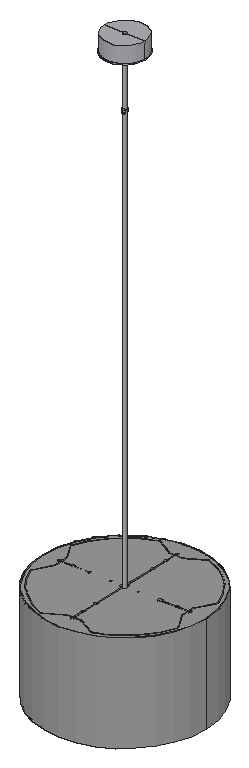
Revit family "Lighting - Lumetta - Pendant - EP52314-Full", category Lighting Fixtures, host Ceiling, Revit 2015
Parameters
  EP52314 URL [instance] = "https://lumetta.com/luminaires/echo-23-pendant-2/"
  Wattage = 19.2793 W
  built-in parameter 1150110 = 1 (stored number, unit not read)
  URL = "https://lumetta.com/luminaires/echo-23-pendant-2/"
  Type Comments = "Echo 23'' Pendant"  # constant formula
  built-in parameter 1114217 = 1 (stored number, unit not read)
  Top-Bottom Lens Radius [instance] = Fixture Radius - 0' 0 5/32"  # 0' - 11 11/32"
  Top Lens-Material [instance] = Acrylic - 2447 - White
  Top Lens [instance] = yes
  built-in parameter 1150109 = 1 (stored number, unit not read)
  built-in parameter 1150134 = (empty or 0)
  Suspension [instance] = 2
  built-in parameter 1150113 = 1 (stored number, unit not read)
  Stem Hung-ALL Lamping [instance] = Suspension = 2  # yes
  STD-NON_DIM [instance] = not([3-4-LED])  # yes
  Light Source Symbol Size = 0' - 1"
  Fixture Radius [instance] = 0' - 11 1/2"
  Fixture Diameter [instance] = 2 * Fixture Radius  # 1' - 11"
  Echo Diffuser Material-Bottom [instance] = EP5231401 Shell - D790 Onyx - BTM
  Coupling-Stems Over 60 inches [instance] = and([Stem Hung-ALL Lamping], Fixture Drop > 5' 0")  # yes
  Model = "EP52314"  # constant formula
  Manufacturer = "Lumetta, Inc."  # constant formula
  Lumens = 2140 lm
  built-in parameter 1150115 = 1 (stored number, unit not read)
  built-in parameter 1150105 = 170.3 (stored number, unit not read)
  built-in parameter 1150137 = (empty or 0)
  built-in parameter 1150139 = (empty or 0)
  built-in parameter 1150112 = 1 (stored number, unit not read)
  built-in parameter 1150114 = 1 (stored number, unit not read)
  built-in parameter 1150132 = 2
  built-in parameter 1150102 = (empty or 0)
  built-in parameter 1150138 = (empty or 0)
  built-in parameter 1150107 = 3000 (stored number, unit not read)
  built-in parameter 1150106 = 1.703 (stored number, unit not read)
  Frame Finish [instance] = Paint - Lumetta - F02 - PC_Chrome
  Fixture Height [instance] = 1' - 2"
  Fixture Drop [instance] = 5' - 10"
  built-in parameter 1150104 = 10.312 (stored number, unit not read)
  Dimming Lamp Color Temperature Shift = (empty or 0)
  Echo Diffuser Material-Sides [instance] = EP5231401 Shell - D790 Onyx - Side
  Description = ""
  Cord [instance] = Suspension = 1  # no
  3-4-LED [instance] = and([3 or 4 Wire Dimming OR LED], Suspension = 1)  # no
  3 or 4 Wire Dimming OR LED [instance] = yes
  4 Cables [instance] = Suspension = 1  # no
  1CRD-4CBL-ALL Lamping [instance] = Suspension = 1  # no
  Cord Color [instance] = Cord, Black
  Color Filter = 16777215
  built-in parameter 1114218 = 1 (stored number, unit not read)
  built-in parameter 1150133 = 10 (stored number, unit not read)
Reference planes (in)
  plane 1 "Light Source Axis (F/B)": y = 0
  plane 2 "Ceiling": z = 96
  plane 3 "Light Source Axis (L/R)": x = 0
  plane 4 "Light Source Elevation": z = 23.5
  plane 5 "Fixture-Top": z = 26
  plane 6 "Fixture-Radius": x = 11.5
  plane 7 "Fixture-Height": z = 12
  plane 8: y = 0
Forms (in)
  Revolve 1, solid, material "Paint - Lumetta - F02 - PC_Chrome" <- "Frame Finish", visible <- "1CRD-4CBL-ALL Lamping"
    sketch origin (0, 0, 0) x (1, 0, 0) y (0, 0, 1)
      loop
        line (0, 96) -> (0, 95.4375) -> (3, 95.4375) -> (3, 95.5) -> (2.87509, 95.5) -> (2.87509, 96) -> (0, 96)
      axis (0, 96) -> (0, 95.4375)
    angle from 0 to 360
  Extrusion 2, void
    sketch origin (0, 0, 95.4375) x (0, -1, 0) y (1, 0, 0)
      loop
        circle (0, 0) r 0.25
      loop
        circle (0, 2.5) r 0.06274
      loop
        circle (-2.5, 0) r 0.06274
      loop
        circle (0, -2.5) r 0.06274
      loop
        circle (2.5, 0) r 0.06274
    from 0 to 0.06358
  Revolve 3, solid, material "EP5231401 Shell - D790 Onyx - Side" <- "Echo Diffuser Material-Sides"
    sketch origin (0, 0, 0) x (1, 0, 0) y (0, 0, 1)
      loop
        line (11.5, 26) -> (11.5, 12) -> (11.56242, 12) -> (11.56242, 26) -> (11.5, 26)
      axis (0, 26) -> (0, 12)
    angle from 0 to 360
  Extrusion 4, solid, material "Paint - Lumetta - F02 - PC_Chrome" <- "Frame Finish", visible <- "Stem Hung-ALL Lamping"
    sketch origin (0, 0, 26) x (0, -1, 0) y (-1, 0, 0)
      loop
        circle (0, 0) r 0.25
    from 0.39106 to -70
  Revolve 5, solid, material "Paint - Lumetta - F02 - PC_Chrome" <- "Frame Finish", visible <- "Coupling-Stems Over 60 inches"
    sketch origin (0, 0, 0) x (1, 0, 0) y (0, 0, 1)
      loop
        line (0, 86.53023) -> (0, 86) -> (0.26233, 86)
        arc (0.26233, 86) -> (0.31307, 86.05074) -> (0.26233, 86.10149) r 0.05074
        arc (0.26233, 86.10149) -> (0.29304, 86.26499) -> (0.26243, 86.42851) r 0.45126
        arc (0.26243, 86.42851) -> (0.31329, 86.47937) -> (0.26243, 86.53023) r 0.05086
        line (0.26243, 86.53023) -> (0, 86.53023)
      axis (0, 86.53023) -> (0, 86)
    angle from 0 to 360
  Revolve 6, solid, material "Paint - Lumetta - F02 - PC_Chrome" <- "Frame Finish", visible <- "Stem Hung-ALL Lamping"
    sketch origin (0, 0, 0) x (1, 0, 0) y (0, 0, 1)
      loop
        line (0, 96) -> (0, 93.40625) -> (0.34988, 93.40625)
        arc (0.34988, 93.40625) -> (0.49124, 93.54417) -> (0.58115, 93.72) r 0.61026
        line (0.58115, 93.72) -> (3, 93.72) -> (3, 93.78) -> (2.875, 93.78) -> (2.875, 96) -> (0, 96)
      axis (0, 96) -> (0, 93.40625)
    angle from 0 to 360
  Extrusion 7, solid, material "Cord, Black" <- "Cord Color", visible <- "1CRD-4CBL-ALL Lamping"
    sketch origin (0, 0, 26) x (0, -1, 0) y (1, 0, 0)
      loop
        circle (0, 0) r 0.15674
    from -0.39106 to 70
  Revolve 8, solid, material "Paint - Lumetta - F02 - PC_Chrome" <- "Frame Finish", visible <- "STD-NON_DIM"
    sketch origin (0, 0, 0) x (1, 0, 0) y (0, 0, 1)
      loop
        line (0, 95.4375) -> (0, 94.87435) -> (0.28215, 94.87435) -> (0.37481, 95.4375) -> (0, 95.4375)
      axis (0, 95.4375) -> (0, 94.87435)
    angle from 0 to 360
  Revolve 9, solid, material "Paint - Lumetta - F02 - PC_Chrome" <- "Frame Finish", visible <- "3-4-LED"
    sketch origin (0, 0, 0) x (1, 0, 0) y (0, 0, 1)
      loop
        line (0, 95.4375) -> (0, 95.3765) -> (0.37481, 95.3765) -> (0.37481, 95.4375) -> (0, 95.4375)
      axis (0, 95.4375) -> (0, 95.3765)
    angle from 0 to 360
  Extrusion 10, solid, material "EP5231401 Shell - D790 Onyx - BTM" <- "Echo Diffuser Material-Bottom"
    sketch origin (0, 0, 12) x (0, -1, 0) y (1, 0, 0)
      loop
        circle (0, 0) r 11.5
    from 0 to 0.125
  Extrusion 11, solid, material "Opaque - White"
    sketch origin (0, 0, 26) x (0, -1, 0) y (1, 0, 0)
      loop
        circle (0, 0) r 0.25
      loop
        circle (-2.25, 0) r 0.25
      loop
        circle (2.25, 0) r 0.25
      loop
        line (-0.83, 0.83) -> (-10.375, 0.83)
        arc (-10.375, 0.83) -> (-10.55178, 0.75678) -> (-10.625, 0.58) r 0.25
        line (-10.625, 0.58) -> (-10.625, -0.58)
        arc (-10.625, -0.58) -> (-10.55178, -0.75678) -> (-10.375, -0.83) r 0.25
        line (-10.375, -0.83) -> (-0.83, -0.83) -> (-0.83, -10.375)
        arc (-0.83, -10.375) -> (-0.75678, -10.55178) -> (-0.58, -10.625) r 0.25
        line (-0.58, -10.625) -> (0.58, -10.625)
        arc (0.58, -10.625) -> (0.75678, -10.55178) -> (0.83, -10.375) r 0.25
        line (0.83, -10.375) -> (0.83, -0.83) -> (10.375, -0.83)
        arc (10.375, -0.83) -> (10.55178, -0.75678) -> (10.625, -0.58) r 0.25
        line (10.625, -0.58) -> (10.625, 0.58)
        arc (10.625, 0.58) -> (10.55178, 0.75678) -> (10.375, 0.83) r 0.25
        line (10.375, 0.83) -> (0.83, 0.83) -> (0.83, 10.375)
        arc (0.83, 10.375) -> (0.75678, 10.55178) -> (0.58, 10.625) r 0.25
        line (0.58, 10.625) -> (-0.58, 10.625)
        arc (-0.58, 10.625) -> (-0.75678, 10.55178) -> (-0.83, 10.375) r 0.25
        line (-0.83, 10.375) -> (-0.83, 0.83)
      loop
        circle (0, 7.25) r 0.14063
      loop
        circle (-7.25, 0) r 0.14063
      loop
        circle (0, -7.25) r 0.14063
      loop
        circle (7.25, -0.14936) r 0.14063
    from -0.26546 to -0.39106
  Extrusion 12, solid, material "Acrylic - 2447 - White" <- "Top Lens-Material", visible <- "Top Lens"
    sketch origin (0, 0, 26) x (0, -1, 0) y (1, 0, 0)
      loop
        circle (0, -1.96065) r 0.09375
      loop
        circle (0, 1.9375) r 0.09375
      loop
        arc (0.14583, 5.20306) -> (0, 4.75) -> (-0.14583, 5.20306) r 0.25
        arc (-0.14583, 5.20306) -> (-0.10753, 5.24753) -> (-0.09375, 5.30459) r 0.125
        line (-0.09375, 5.30459) -> (-0.09375, 6.98483)
        arc (-0.09375, 6.98483) -> (-0.10568, 7.03814) -> (-0.1392, 7.08126) r 0.125
        arc (-0.1392, 7.08126) -> (-0.21875, 7.25) -> (-0.1392, 7.41874) r 0.21875
        arc (-0.1392, 7.41874) -> (-0.10568, 7.46186) -> (-0.09375, 7.51517) r 0.125
        line (-0.09375, 7.51517) -> (-0.09375, 8.8125)
        arc (-0.09375, 8.8125) -> (-0.13036, 8.90089) -> (-0.21875, 8.9375) r 0.125
        line (-0.21875, 8.9375) -> (-0.93301, 8.9375)
        arc (-0.93301, 8.9375) -> (-1.01389, 8.94815) -> (-1.08926, 8.97937) r 0.3125
        line (-1.08926, 8.97937) -> (-3.41663, 10.32307)
        arc (-3.41663, 10.32307) -> (-3.49251, 10.34734) -> (-3.57161, 10.33792) r 0.1875
        arc (-3.57161, 10.33792) -> (-7.73398, 7.73398) -> (-10.33792, 3.57161) r 10.9375
        arc (-10.33792, 3.57161) -> (-10.34734, 3.49251) -> (-10.32307, 3.41663) r 0.1875
        line (-10.32307, 3.41663) -> (-8.97937, 1.08926)
        arc (-8.97937, 1.08926) -> (-8.94815, 1.01389) -> (-8.9375, 0.93301) r 0.3125
        line (-8.9375, 0.93301) -> (-8.9375, 0.21875)
        arc (-8.9375, 0.21875) -> (-8.90089, 0.13036) -> (-8.8125, 0.09375) r 0.125
        line (-8.8125, 0.09375) -> (-7.51517, 0.09375)
        arc (-7.51517, 0.09375) -> (-7.46186, 0.10568) -> (-7.41874, 0.1392) r 0.125
        arc (-7.41874, 0.1392) -> (-7.25, 0.21875) -> (-7.08126, 0.1392) r 0.21875
        arc (-7.08126, 0.1392) -> (-7.03814, 0.10568) -> (-6.98483, 0.09375) r 0.125
        line (-6.98483, 0.09375) -> (-5.30459, 0.09375)
        arc (-5.30459, 0.09375) -> (-5.24753, 0.10753) -> (-5.20306, 0.14583) r 0.125
        arc (-5.20306, 0.14583) -> (-5, 0.25) -> (-4.79694, 0.14583) r 0.25
        arc (-4.79694, 0.14583) -> (-4.75247, 0.10753) -> (-4.69541, 0.09375) r 0.125
        line (-4.69541, 0.09375) -> (-0.58547, 0.09375)
        arc (-0.58547, 0.09375) -> (-0.51421, 0.11605) -> (-0.46837, 0.175) r 0.125
        arc (-0.46837, 0.175) -> (0, 0.5) -> (0.46837, 0.175) r 0.5
        arc (0.46837, 0.175) -> (0.51421, 0.11605) -> (0.58547, 0.09375) r 0.125
        line (0.58547, 0.09375) -> (4.69541, 0.09375)
        arc (4.69541, 0.09375) -> (4.75247, 0.10753) -> (4.79694, 0.14583) r 0.125
        arc (4.79694, 0.14583) -> (5, 0.25) -> (5.20306, 0.14583) r 0.25
        arc (5.20306, 0.14583) -> (5.24753, 0.10753) -> (5.30459, 0.09375) r 0.125
        line (5.30459, 0.09375) -> (6.98483, 0.09375)
        arc (6.98483, 0.09375) -> (7.03814, 0.10568) -> (7.08126, 0.1392) r 0.125
        arc (7.08126, 0.1392) -> (7.25, 0.21875) -> (7.41874, 0.1392) r 0.21875
        arc (7.41874, 0.1392) -> (7.46186, 0.10568) -> (7.51517, 0.09375) r 0.125
        line (7.51517, 0.09375) -> (8.8125, 0.09375)
        arc (8.8125, 0.09375) -> (8.90089, 0.13036) -> (8.9375, 0.21875) r 0.125
        line (8.9375, 0.21875) -> (8.9375, 0.93301)
        arc (8.9375, 0.93301) -> (8.94815, 1.01389) -> (8.97937, 1.08926) r 0.3125
        line (8.97937, 1.08926) -> (10.32307, 3.41663)
        arc (10.32307, 3.41663) -> (10.34734, 3.49251) -> (10.33792, 3.57161) r 0.1875
        arc (10.33792, 3.57161) -> (7.73398, 7.73398) -> (3.57161, 10.33792) r 10.9375
        arc (3.57161, 10.33792) -> (3.49251, 10.34734) -> (3.41663, 10.32307) r 0.1875
        line (3.41663, 10.32307) -> (1.08926, 8.97937)
        arc (1.08926, 8.97937) -> (1.01389, 8.94815) -> (0.93301, 8.9375) r 0.3125
        line (0.93301, 8.9375) -> (0.21875, 8.9375)
        arc (0.21875, 8.9375) -> (0.13036, 8.90089) -> (0.09375, 8.8125) r 0.125
        line (0.09375, 8.8125) -> (0.09375, 7.51517)
        arc (0.09375, 7.51517) -> (0.10568, 7.46186) -> (0.1392, 7.41874) r 0.125
        arc (0.1392, 7.41874) -> (0.21875, 7.25) -> (0.1392, 7.08126) r 0.21875
        arc (0.1392, 7.08126) -> (0.10568, 7.03814) -> (0.09375, 6.98483) r 0.125
        line (0.09375, 6.98483) -> (0.09375, 5.30459)
        arc (0.09375, 5.30459) -> (0.10753, 5.24753) -> (0.14583, 5.20306) r 0.125
      loop
        arc (8.9375, -0.2419) -> (8.90089, -0.15351) -> (8.8125, -0.1169) r 0.125
        line (8.8125, -0.1169) -> (7.51517, -0.1169)
        arc (7.51517, -0.1169) -> (7.46186, -0.12883) -> (7.41874, -0.16235) r 0.125
        arc (7.41874, -0.16235) -> (7.25, -0.2419) -> (7.08126, -0.16235) r 0.21875
        arc (7.08126, -0.16235) -> (7.03814, -0.12883) -> (6.98483, -0.1169) r 0.125
        line (6.98483, -0.1169) -> (5.30459, -0.1169)
        arc (5.30459, -0.1169) -> (5.24753, -0.13068) -> (5.20306, -0.16898) r 0.125
        arc (5.20306, -0.16898) -> (5, -0.27315) -> (4.79694, -0.16898) r 0.25
        arc (4.79694, -0.16898) -> (4.75247, -0.13068) -> (4.69541, -0.1169) r 0.125
        line (4.69541, -0.1169) -> (0.58547, -0.1169)
        arc (0.58547, -0.1169) -> (0.51421, -0.1392) -> (0.46837, -0.19815) r 0.125
        arc (0.46837, -0.19815) -> (0, -0.52315) -> (-0.46837, -0.19815) r 0.5
        arc (-0.46837, -0.19815) -> (-0.51421, -0.1392) -> (-0.58547, -0.1169) r 0.125
        line (-0.58547, -0.1169) -> (-4.69541, -0.1169)
        arc (-4.69541, -0.1169) -> (-4.75247, -0.13068) -> (-4.79694, -0.16898) r 0.125
        arc (-4.79694, -0.16898) -> (-5, -0.27315) -> (-5.20306, -0.16898) r 0.25
        arc (-5.20306, -0.16898) -> (-5.24753, -0.13068) -> (-5.30459, -0.1169) r 0.125
        line (-5.30459, -0.1169) -> (-6.98483, -0.1169)
        arc (-6.98483, -0.1169) -> (-7.03814, -0.12883) -> (-7.08126, -0.16235) r 0.125
        arc (-7.08126, -0.16235) -> (-7.25, -0.2419) -> (-7.41874, -0.16235) r 0.21875
        arc (-7.41874, -0.16235) -> (-7.46186, -0.12883) -> (-7.51517, -0.1169) r 0.125
        line (-7.51517, -0.1169) -> (-8.8125, -0.1169)
        arc (-8.8125, -0.1169) -> (-8.90089, -0.15351) -> (-8.9375, -0.2419) r 0.125
        line (-8.9375, -0.2419) -> (-8.9375, -0.95616)
        arc (-8.9375, -0.95616) -> (-8.94815, -1.03704) -> (-8.97937, -1.11241) r 0.3125
        line (-8.97937, -1.11241) -> (-10.32307, -3.43978)
        arc (-10.32307, -3.43978) -> (-10.34734, -3.51566) -> (-10.33792, -3.59476) r 0.1875
        arc (-10.33792, -3.59476) -> (-7.73398, -7.75713) -> (-3.57161, -10.36106) r 10.9375
        arc (-3.57161, -10.36106) -> (-3.49251, -10.37049) -> (-3.41663, -10.34622) r 0.1875
        line (-3.41663, -10.34622) -> (-1.08926, -9.00252)
        arc (-1.08926, -9.00252) -> (-1.01389, -8.9713) -> (-0.93301, -8.96065) r 0.3125
        line (-0.93301, -8.96065) -> (-0.21875, -8.96065)
        arc (-0.21875, -8.96065) -> (-0.13036, -8.92404) -> (-0.09375, -8.83565) r 0.125
        line (-0.09375, -8.83565) -> (-0.09375, -7.53831)
        arc (-0.09375, -7.53831) -> (-0.10568, -7.48501) -> (-0.1392, -7.44189) r 0.125
        arc (-0.1392, -7.44189) -> (-0.21875, -7.27315) -> (-0.1392, -7.10441) r 0.21875
        arc (-0.1392, -7.10441) -> (-0.10568, -7.06128) -> (-0.09375, -7.00798) r 0.125
        line (-0.09375, -7.00798) -> (-0.09375, -5.32774)
        arc (-0.09375, -5.32774) -> (-0.10753, -5.27068) -> (-0.14583, -5.22621) r 0.125
        arc (-0.14583, -5.22621) -> (0, -4.77315) -> (0.14583, -5.22621) r 0.25
        arc (0.14583, -5.22621) -> (0.10753, -5.27068) -> (0.09375, -5.32774) r 0.125
        line (0.09375, -5.32774) -> (0.09375, -7.00798)
        arc (0.09375, -7.00798) -> (0.10568, -7.06128) -> (0.1392, -7.10441) r 0.125
        arc (0.1392, -7.10441) -> (0.21875, -7.27315) -> (0.1392, -7.44189) r 0.21875
        arc (0.1392, -7.44189) -> (0.10568, -7.48501) -> (0.09375, -7.53831) r 0.125
        line (0.09375, -7.53831) -> (0.09375, -8.83565)
        arc (0.09375, -8.83565) -> (0.13036, -8.92404) -> (0.21875, -8.96065) r 0.125
        line (0.21875, -8.96065) -> (0.93301, -8.96065)
        arc (0.93301, -8.96065) -> (1.01389, -8.9713) -> (1.08926, -9.00252) r 0.3125
        line (1.08926, -9.00252) -> (3.41663, -10.34622)
        arc (3.41663, -10.34622) -> (3.49251, -10.37049) -> (3.57161, -10.36106) r 0.1875
        arc (3.57161, -10.36106) -> (7.73398, -7.75713) -> (10.33792, -3.59476) r 10.9375
        arc (10.33792, -3.59476) -> (10.34734, -3.51566) -> (10.32307, -3.43978) r 0.1875
        line (10.32307, -3.43978) -> (8.97937, -1.11241)
        arc (8.97937, -1.11241) -> (8.94815, -1.03704) -> (8.9375, -0.95616) r 0.3125
        line (8.9375, -0.95616) -> (8.9375, -0.2419)
    from -0.13947 to 0
  Sweep 13, solid, visible <- "1CRD-4CBL-ALL Lamping"
    path origin (0, 0, 0) x (-1, 0, 0) y (0, 0, 1)
      loop
        line (2.5, 95.50108) -> (7.26736, 25.73454)
    profile origin (-4.88368, 0, 60.61781) x (-0.997673, 0, 0.068174) y (0, 1, 0)
      loop
        circle (0, 0) r 0.03083
  Extrusion 14, solid, material "Acrylic - 2447 - White"
    sketch origin (0, 0, 26) x (0, -1, 0) y (1, 0, 0)
      loop
        circle (0, 0) r 11.5
      loop
        arc (-9.375, 0.09375) -> (-9.46875, 0) -> (-9.375, -0.09375) r 0.09375
        line (-9.375, -0.09375) -> (-9.34375, -0.09375) -> (-9.34375, -0.125)
        arc (-9.34375, -0.125) -> (-9.25, -0.21875) -> (-9.15625, -0.125) r 0.09375
        line (-9.15625, -0.125) -> (-9.15625, 0.125)
        arc (-9.15625, 0.125) -> (-9.25, 0.21875) -> (-9.34375, 0.125) r 0.09375
        line (-9.34375, 0.125) -> (-9.34375, 0.09375) -> (-9.375, 0.09375)
      loop
        arc (-0.09375, -9.375) -> (0, -9.46875) -> (0.09375, -9.375) r 0.09375
        line (0.09375, -9.375) -> (0.09375, -9.34375) -> (0.125, -9.34375)
        arc (0.125, -9.34375) -> (0.21875, -9.25) -> (0.125, -9.15625) r 0.09375
        line (0.125, -9.15625) -> (-0.125, -9.15625)
        arc (-0.125, -9.15625) -> (-0.21875, -9.25) -> (-0.125, -9.34375) r 0.09375
        line (-0.125, -9.34375) -> (-0.09375, -9.34375) -> (-0.09375, -9.375)
      loop
        arc (9.375, -0.09375) -> (9.46875, 0) -> (9.375, 0.09375) r 0.09375
        line (9.375, 0.09375) -> (9.34375, 0.09375) -> (9.34375, 0.125)
        arc (9.34375, 0.125) -> (9.25, 0.21875) -> (9.15625, 0.125) r 0.09375
        line (9.15625, 0.125) -> (9.15625, -0.125)
        arc (9.15625, -0.125) -> (9.25, -0.21875) -> (9.34375, -0.125) r 0.09375
        line (9.34375, -0.125) -> (9.34375, -0.09375) -> (9.375, -0.09375)
      loop
        arc (0.09375, 9.375) -> (0, 9.46875) -> (-0.09375, 9.375) r 0.09375
        line (-0.09375, 9.375) -> (-0.09375, 9.34375) -> (-0.125, 9.34375)
        arc (-0.125, 9.34375) -> (-0.21875, 9.25) -> (-0.125, 9.15625) r 0.09375
        line (-0.125, 9.15625) -> (0.125, 9.15625)
        arc (0.125, 9.15625) -> (0.21875, 9.25) -> (0.125, 9.34375) r 0.09375
        line (0.125, 9.34375) -> (0.09375, 9.34375) -> (0.09375, 9.375)
      loop
        line (9, -0.93301) -> (9, 0.93301)
        arc (9, 0.93301) -> (9.00852, 0.99772) -> (9.03349, 1.05801) r 0.25
        line (9.03349, 1.05801) -> (10.3772, 3.38538)
        arc (10.3772, 3.38538) -> (10.40956, 3.48655) -> (10.39699, 3.59202) r 0.25
        arc (10.39699, 3.59202) -> (7.77817, 7.77817) -> (3.59202, 10.39699) r 11
        arc (3.59202, 10.39699) -> (3.48655, 10.40956) -> (3.38538, 10.3772) r 0.25
        line (3.38538, 10.3772) -> (1.05801, 9.03349)
        arc (1.05801, 9.03349) -> (0.99772, 9.00852) -> (0.93301, 9) r 0.25
        line (0.93301, 9) -> (-0.93301, 9)
        arc (-0.93301, 9) -> (-0.99772, 9.00852) -> (-1.05801, 9.03349) r 0.25
        line (-1.05801, 9.03349) -> (-3.38538, 10.3772)
        arc (-3.38538, 10.3772) -> (-3.48655, 10.40956) -> (-3.59202, 10.39699) r 0.25
        arc (-3.59202, 10.39699) -> (-7.77817, 7.77817) -> (-10.39699, 3.59202) r 11
        arc (-10.39699, 3.59202) -> (-10.40956, 3.48655) -> (-10.3772, 3.38538) r 0.25
        line (-10.3772, 3.38538) -> (-9.03349, 1.05801)
        arc (-9.03349, 1.05801) -> (-9.00852, 0.99772) -> (-9, 0.93301) r 0.25
        line (-9, 0.93301) -> (-9, -0.93301)
        arc (-9, -0.93301) -> (-9.00852, -0.99772) -> (-9.03349, -1.05801) r 0.25
        line (-9.03349, -1.05801) -> (-10.3772, -3.38538)
        arc (-10.3772, -3.38538) -> (-10.40956, -3.48655) -> (-10.39699, -3.59202) r 0.25
        arc (-10.39699, -3.59202) -> (-7.77817, -7.77817) -> (-3.59202, -10.39699) r 11
        arc (-3.59202, -10.39699) -> (-3.48655, -10.40956) -> (-3.38538, -10.3772) r 0.25
        line (-3.38538, -10.3772) -> (-1.05801, -9.03349)
        arc (-1.05801, -9.03349) -> (-0.99772, -9.00852) -> (-0.93301, -9) r 0.25
        line (-0.93301, -9) -> (0.93301, -9)
        arc (0.93301, -9) -> (0.99772, -9.00852) -> (1.05801, -9.03349) r 0.25
        line (1.05801, -9.03349) -> (3.38538, -10.3772)
        arc (3.38538, -10.3772) -> (3.48655, -10.40956) -> (3.59202, -10.39699) r 0.25
        arc (3.59202, -10.39699) -> (7.77817, -7.77817) -> (10.39699, -3.59202) r 11
        arc (10.39699, -3.59202) -> (10.40956, -3.48655) -> (10.3772, -3.38538) r 0.25
        line (10.3772, -3.38538) -> (9.03349, -1.05801)
        arc (9.03349, -1.05801) -> (9.00852, -0.99772) -> (9, -0.93301) r 0.25
    from 0 to -0.26546
  Sweep 15, solid, visible <- "1CRD-4CBL-ALL Lamping"
    path origin (0, 0, 0) x (0, 1, 0) y (0, 0, 1)
      loop
        line (2.5, 95.50108) -> (7.26736, 25.73454)
    profile origin (0, 4.88368, 60.61781) x (0, 0.997673, 0.068174) y (1, 0, 0)
      loop
        circle (0, 0) r 0.03083
  Sweep 16, solid, visible <- "1CRD-4CBL-ALL Lamping"
    path origin (0, 0, 0) x (1, 0, 0) y (0, 0, 1)
      loop
        line (2.5, 95.50108) -> (7.26736, 25.73454)
    profile origin (4.88368, 0, 60.61781) x (0.997673, 0, 0.068174) y (0, -1, 0)
      loop
        circle (0, 0) r 0.03083
  Sweep 17, solid, visible <- "1CRD-4CBL-ALL Lamping"
    path origin (0, 0, 0) x (0, -1, 0) y (0, 0, 1)
      loop
        line (2.5, 95.50108) -> (7.26736, 25.73454)
    profile origin (0, -4.88368, 60.61781) x (0, -0.997673, 0.068174) y (-1, 0, 0)
      loop
        circle (0, 0) r 0.03083
Dimensions and locks (in)
  equal spacing: host sketch curve, plane 3 "Light Source Axis (L/R)", host sketch curve
  equal spacing: host sketch curve, plane 1 "Light Source Axis (F/B)", host sketch curve
  host sketch curve to host sketch curve = 10' - 0"  (x2)
  "Fixture Drop": plane 2 "Ceiling" to plane 5 "Fixture-Top"
  locked: plane 5 "Fixture-Top" to plane 4 "Light Source Elevation" at 2.5
  "Fixture Radius": plane 6 "Fixture-Radius" to plane 3 "Light Source Axis (L/R)"
  "Fixture Height": plane 5 "Fixture-Top" to plane 7 "Fixture-Height"
  locked: Extrusion 2 sketch curve to Extrusion 2 sketch curve at 2.5
  locked: Revolve 3 sketch curve to plane 6 "Fixture-Radius" at 0.06242
  locked: Extrusion 4 sketch curve to imposter light
  locked: Extrusion 4 sketch curve to imposter light at 0
  Revolve 5 sketch curve to Revolve 5 sketch curve = 0' - 0.15822"
  locked: Revolve 5 sketch curve to Revolve 3 at 60
  locked: Revolve 5 sketch curve to Revolve 5 sketch curve at 0.53023
  locked: Revolve 5 sketch curve to Revolve 5 sketch curve at 0.26243
  locked: Revolve 5 sketch curve to Revolve 5 sketch curve at 0.26233
  locked: Revolve 5 sketch curve to Revolve 5 sketch curve at 0.05074
  locked: Revolve 5 sketch curve to Revolve 5 sketch curve at 0.47937
  locked: Revolve 5 sketch curve to Revolve 5 sketch curve at 0.26512
  locked: Revolve 6 sketch curve to Revolve 6 sketch curve at 2.875
  locked: Revolve 6 sketch curve to Revolve 6 sketch curve at 0.31375
  locked: Revolve 1 sketch curve to Revolve 1 sketch curve at 0.0625
  locked: host ceiling to Revolve 1 sketch curve at 0.5625
  locked: Revolve 1 sketch curve to Revolve 1 sketch curve at 0.5625
  Revolve 1 sketch curve to Revolve 1 sketch curve = 0' - 2.87509"
  locked: Revolve 1 sketch curve to Revolve 1 sketch curve at 3
  locked: Revolve 1 sketch curve to Revolve 1 sketch curve at 2.87509
  locked: Revolve 8 sketch curve to Revolve 8 sketch curve at 0.37481
  locked: Revolve 8 sketch curve to Revolve 8 sketch curve at 0.28215
  locked: Revolve 1 to Revolve 8 sketch curve at 0.56315
  locked: Revolve 1 to Revolve 9 sketch curve at 0.061
  locked: plane 3 "Light Source Axis (L/R)" to Revolve 9 sketch curve at 0.37481
  locked: Extrusion 2 sketch curve to plane 3 "Light Source Axis (L/R)" at 2.5
  locked: plane 8 to Extrusion 2 sketch curve at 2.5
  locked: Extrusion 2 sketch curve to plane 8 at 2.5
  "Fixture Radius": Extrusion 10 sketch curve to plane 6 "Fixture-Radius"
  locked: Revolve 3 to plane 7 "Fixture-Height" at 0
  locked: Extrusion 10 to plane 7 "Fixture-Height" at 0.125
  locked: Extrusion 12 to Extrusion 12 at 0.13947
  locked: plane 5 "Fixture-Top" to Extrusion 14 at 0.26546
  locked: Revolve 3 to plane 5 "Fixture-Top" at 0
  locked: plane 8 to Extrusion 11 sketch curve at 0
  Extrusion 11 sketch curve to plane 3 "Light Source Axis (L/R)" = 0' - 0.14936"
  locked: Extrusion 11 sketch curve to plane 8 at 0
  locked: Extrusion 11 sketch curve to plane 3 "Light Source Axis (L/R)" at 0
  locked: Extrusion 11 sketch curve to plane 3 "Light Source Axis (L/R)" at 10.625
  locked: plane 8 to Extrusion 11 sketch curve at 10.625  (x2)
  locked: plane 3 "Light Source Axis (L/R)" to Extrusion 11 sketch curve at 10.625
  locked: Extrusion 11 sketch curve to Extrusion 11 sketch curve at 3.375  (x4)
  locked: plane 5 "Fixture-Top" to Extrusion 11 at 0.26546
  locked: Extrusion 11 to Extrusion 11 at 0.1256
  "Fixture Radius": radius of Extrusion 10 sketch curve
  aligned and locked: plane 3 "Light Source Axis (L/R)" to imposter light
  aligned and locked: plane 1 "Light Source Axis (F/B)" to imposter light
  aligned and locked: plane 4 "Light Source Elevation" to imposter light
  aligned and locked: Revolve 3 sketch curve to plane 3 "Light Source Axis (L/R)"
  aligned and locked: Revolve 5 sketch curve to Revolve 5 sketch curve  (x2)
  aligned and locked: host ceiling to Extrusion 4
  aligned and locked: host ceiling to Extrusion 7
  aligned and locked: Extrusion 11 to Extrusion 4
  aligned and locked: Extrusion 11 to Extrusion 7
Automatic sketch dimensions
  Revolve 3 sketch curve to plane 6 "Fixture-Radius" = 0' - 0"
  Revolve 3 sketch curve to plane 7 "Fixture-Height" = 0' - 0"
  Revolve 3 sketch curve to plane 5 "Fixture-Top" = 0' - 0"
  plane 7 "Fixture-Height" to Revolve 3 sketch curve = 0' - 1 1/4"
  Revolve 3 sketch curve to plane 5 "Fixture-Top" = 0' - 2 1/4"
  Revolve 5 sketch curve to plane 3 "Light Source Axis (L/R)" = 0' - 0"
  Revolve 5 sketch curve to Revolve 5 sketch curve = 0' - 11.34317"
  Revolve 6 sketch curve to plane 3 "Light Source Axis (L/R)" = 0' - 0"  (x3)
  Revolve 6 sketch curve to plane 2 "Ceiling" = 0' - 0"
  plane 3 "Light Source Axis (L/R)" to Revolve 6 sketch curve = 0' - 0.34988"
  Revolve 6 sketch curve to Revolve 6 sketch curve = 0' - 0.23126"
  Revolve 6 sketch curve to Revolve 6 sketch curve = 0' - 0 1/8"
  Revolve 6 sketch curve to plane 2 "Ceiling" = 0' - 2 3/32"
  Revolve 6 sketch curve to Revolve 6 sketch curve = 0' - 0.06"
  plane 2 "Ceiling" to Revolve 6 sketch curve = 0' - 1 3/4"
  Revolve 6 sketch curve to Revolve 6 sketch curve = 0' - 2 1/2"
  plane 1 "Light Source Axis (F/B)" to Extrusion 7 sketch curve = 0' - 0"
  Extrusion 7 sketch curve to plane 3 "Light Source Axis (L/R)" = 0' - 0"
  Revolve 1 sketch curve to plane 3 "Light Source Axis (L/R)" = 0' - 0"  (x2)
  Revolve 1 sketch curve to plane 5 "Fixture-Top" = 0' - 1 1/4"
  Revolve 1 sketch curve to Revolve 1 sketch curve = 0' - 9 3/4"
  Revolve 8 sketch curve to plane 3 "Light Source Axis (L/R)" = 0' - 0"  (x2)
  Revolve 8 sketch curve to plane 2 "Ceiling" = 0' - 0 9/16"
  Revolve 8 sketch curve to Revolve 8 sketch curve = 0' - 1.18685"
  plane 2 "Ceiling" to Revolve 8 sketch curve = 0' - 6 11/16"
  Revolve 9 sketch curve to plane 3 "Light Source Axis (L/R)" = 0' - 0"  (x2)
  Revolve 9 sketch curve to Revolve 9 sketch curve = 0' - 0.061"
  Revolve 9 sketch curve to Revolve 9 sketch curve = 0' - 0.82606"
  Revolve 9 sketch curve to plane 2 "Ceiling" = 0' - 0 1/4"
  Extrusion 2 sketch curve to Revolve 1 = 0' - 0"  (x3)
  Extrusion 2 sketch curve to Extrusion 2 sketch curve = 0' - 0"  (x2)
  Extrusion 2 sketch curve to Extrusion 2 sketch curve = 0' - 2 1/2"
  plane 1 "Light Source Axis (F/B)" to Extrusion 10 sketch curve = 0' - 0"
  Sweep 13 sketch curve to profile plane = 0' - 0"
  profile plane to Sweep 13 sketch curve = 0' - 0"
  Extrusion 14 sketch curve to Extrusion 14 sketch curve = 0' - 0"  (x30)
  Extrusion 14 sketch curve to plane 1 "Light Source Axis (F/B)" = 0' - 10.3772"
  Extrusion 14 sketch curve to Extrusion 14 sketch curve = 0' - 0.21651"  (x12)
  Extrusion 14 sketch curve to Extrusion 14 sketch curve = 0' - 1.0022"  (x2)
  Extrusion 14 sketch curve to Extrusion 14 sketch curve = 0' - 0 1/32"  (x14)
  Extrusion 14 sketch curve to Extrusion 14 sketch curve = 0' - 0 3/32"  (x11)
  Extrusion 14 sketch curve to Extrusion 14 sketch curve = 0' - 0.03349"  (x5)
  Extrusion 14 sketch curve to Extrusion 14 sketch curve = 0' - 6.65031"  (x4)
  Extrusion 14 sketch curve to Extrusion 14 sketch curve = 0' - 0 1/8"  (x12)
  Extrusion 14 sketch curve to Extrusion 14 sketch curve = 0' - 2.32737"  (x8)
  Extrusion 14 sketch curve to Extrusion 14 sketch curve = 0' - 0.80801"  (x8)
  Extrusion 14 sketch curve to Extrusion 14 sketch curve = 0' - 9"  (x3)
  Extrusion 14 sketch curve to Extrusion 14 sketch curve = 0' - 0 5/32"
  Extrusion 14 sketch curve to Extrusion 14 sketch curve = 0' - 0 1/4"
  Extrusion 14 sketch curve to Extrusion 14 sketch curve = 0' - 1.1272"  (x4)
  Extrusion 14 sketch curve to plane 6 "Fixture-Radius" = 1' - 9.8772"
  Extrusion 14 sketch curve to Extrusion 14 sketch curve = 0' - 0.93301"
  Extrusion 11 sketch curve to plane 3 "Light Source Axis (L/R)" = 0' - 0"  (x3)
  plane 1 "Light Source Axis (F/B)" to Extrusion 11 sketch curve = 0' - 0"
  Extrusion 11 sketch curve to plane 1 "Light Source Axis (F/B)" = 0' - 0.58"  (x2)
  Extrusion 11 sketch curve to Extrusion 11 sketch curve = 0' - 0 1/4"  (x3)
  Extrusion 11 sketch curve to plane 1 "Light Source Axis (F/B)" = 0' - 0.83"
  Extrusion 11 sketch curve to Extrusion 11 sketch curve = 0' - 1.42"  (x2)
  Extrusion 11 sketch curve to Extrusion 11 sketch curve = 0' - 3 1/8"  (x2)
  plane 1 "Light Source Axis (F/B)" to Extrusion 11 sketch curve = 0' - 0.58"  (x2)
  plane 1 "Light Source Axis (F/B)" to Extrusion 11 sketch curve = 0' - 0.83"  (x2)
  Extrusion 11 sketch curve to plane 3 "Light Source Axis (L/R)" = 0' - 0.58"  (x2)
  plane 3 "Light Source Axis (L/R)" to Extrusion 11 sketch curve = 0' - 0.58"  (x2)
  Extrusion 12 sketch curve to Extrusion 12 sketch curve = 0' - 0"  (x71)
  Extrusion 12 sketch curve to plane 1 "Light Source Axis (F/B)" = 0' - 10.32307"
  Extrusion 12 sketch curve to Extrusion 12 sketch curve = 0' - 0.16238"  (x8)
  Extrusion 12 sketch curve to Extrusion 12 sketch curve = 0' - 1.07307"  (x2)
  Extrusion 12 sketch curve to Extrusion 12 sketch curve = 0' - 0.27063"  (x5)
  Extrusion 12 sketch curve to Extrusion 12 sketch curve = 0' - 0 5/16"  (x2)
  Extrusion 12 sketch curve to Extrusion 12 sketch curve = 0' - 0.04187"  (x5)
  Extrusion 12 sketch curve to Extrusion 12 sketch curve = 0' - 0 1/8"  (x34)
  Extrusion 12 sketch curve to Extrusion 12 sketch curve = 0' - 1.29733"  (x4)
  Extrusion 12 sketch curve to Extrusion 12 sketch curve = 0' - 0.26517"  (x9)
  Extrusion 12 sketch curve to Extrusion 12 sketch curve = 0' - 1.68025"  (x4)
  Extrusion 12 sketch curve to Extrusion 12 sketch curve = 0' - 0.30459"  (x6)
  Extrusion 12 sketch curve to Extrusion 12 sketch curve = 0' - 6.65031"  (x4)
  Extrusion 12 sketch curve to Extrusion 12 sketch curve = 0' - 0 3/32"  (x17)
  Extrusion 12 sketch curve to Extrusion 12 sketch curve = 0' - 2.32737"  (x8)
  Extrusion 12 sketch curve to Extrusion 12 sketch curve = 0' - 0 5/32"  (x4)
  Extrusion 12 sketch curve to Extrusion 12 sketch curve = 0' - 4.10994"  (x2)
  Extrusion 12 sketch curve to Extrusion 12 sketch curve = 0' - 0.71426"  (x10)
  Extrusion 12 sketch curve to Extrusion 12 sketch curve = 0' - 0.58547"  (x4)
  Extrusion 12 sketch curve to Extrusion 12 sketch curve = 0' - 0 3/16"  (x4)
  Extrusion 12 sketch curve to Extrusion 12 sketch curve = 0' - 1.18133"  (x4)
  Extrusion 12 sketch curve to plane 6 "Fixture-Radius" = 1' - 9.84622"
  Extrusion 12 sketch curve to Extrusion 12 sketch curve = 0' - 3 1/16"  (x2)
  Extrusion 12 sketch curve to Extrusion 12 sketch curve = 0' - 1 23/32"  (x2)
  Extrusion 12 sketch curve to Extrusion 12 sketch curve = 0' - 0.02315"  (x5)
  Extrusion 12 sketch curve to Extrusion 12 sketch curve = 0' - 0.21065"  (x6)
  Sweep 13 sketch curve to plane 2 "Ceiling" = 0' - 0.49892"
  Sweep 13 sketch curve to plane 3 "Light Source Axis (L/R)" = 0' - 2 1/2"
  plane 5 "Fixture-Top" to Sweep 13 sketch curve = 0' - 0.26546"
  Sweep 13 sketch curve to plane 3 "Light Source Axis (L/R)" = 0' - 7.26736"
  Sweep 15 sketch curve to plane 2 "Ceiling" = 0' - 0.49892"
  Sweep 15 sketch curve to plane 1 "Light Source Axis (F/B)" = 0' - 2 1/2"
  plane 5 "Fixture-Top" to Sweep 15 sketch curve = 0' - 0.26546"
  Sweep 15 sketch curve to plane 1 "Light Source Axis (F/B)" = 0' - 7.26736"
  Sweep 15 sketch curve to profile plane = 0' - 0"  (x2)
  Sweep 16 sketch curve to plane 2 "Ceiling" = 0' - 0.49892"
  plane 3 "Light Source Axis (L/R)" to Sweep 16 sketch curve = 0' - 2 1/2"
  plane 5 "Fixture-Top" to Sweep 16 sketch curve = 0' - 0.26546"
  Sweep 16 sketch curve to plane 6 "Fixture-Radius" = 0' - 4.23264"
  Sweep 16 sketch curve to profile plane = 0' - 0"  (x2)
  Sweep 17 sketch curve to plane 2 "Ceiling" = 0' - 0.49892"
  plane 1 "Light Source Axis (F/B)" to Sweep 17 sketch curve = 0' - 2 1/2"
  plane 5 "Fixture-Top" to Sweep 17 sketch curve = 0' - 0.26546"
  plane 1 "Light Source Axis (F/B)" to Sweep 17 sketch curve = 0' - 7.26736"
  profile plane to Sweep 17 sketch curve = 0' - 0"
  Sweep 17 sketch curve to profile plane = 0' - 0"
  radius of Extrusion 4 sketch curve = 0' - 0 1/4"
  radius of Extrusion 7 sketch curve = 0' - 0.15674"
  radius of Extrusion 2 sketch curve = 0' - 0.06274"  (x4)
  radius of Extrusion 2 sketch curve = 0' - 0 1/4"
  radius of Sweep 13 sketch curve = 0' - 0.03083"
  radius of Extrusion 14 sketch curve = 0' - 11 1/2"
  radius of Extrusion 11 sketch curve = 0' - 0 1/4"  (x3)
  radius of Extrusion 11 sketch curve = 0' - 0 9/64"  (x4)
  radius of Extrusion 12 sketch curve = 0' - 0 3/32"  (x2)
  radius of Sweep 15 sketch curve = 0' - 0.03083"
  radius of Sweep 16 sketch curve = 0' - 0.03083"
  radius of Sweep 17 sketch curve = 0' - 0.03083"
